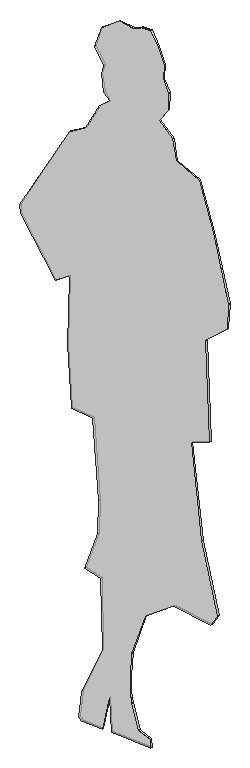
Revit family "ADSK_Антураж_Женщина_02", category Антураж, Revit 2019
Family settings
  На основе рабочей плоскости = Нет
  Всегда вертикально = Да
  При загрузке вырезать с полостями = Нет
  Источник визуального образа = Геометрия семейства
  Общий = Нет
  Точка расчета площади = Нет
Parameters (values of type "Тип")
  Показать чертеж [instance] = yes
  Высота = 0 mm
  Материал = Антураж
  ADSK_Версия семейства = "1.0"  # constant formula
  ADSK_Версия Revit = "v2019"  # constant formula
Reference planes
  plane 1 "Center (Front/Back)": y = 0
  plane 2: z = 0
  plane 3 "Center (Left/Right)": x = 0
  plane 4: z = 1600
Forms (mm)
  Extrusion 1, solid, material "Антураж" <- "Материал"
    sketch origin (0, 0, 0) x (1, 0, 0) y (0, 0, 1)
      loop
        line (250.188, 1272.841) -> (213.063, 1382.81) -> (153.017, 1407.563) -> (143.14, 1455.935) -> (107.445, 1487.037) -> (132.005, 1519.182) -> (133.272, 1560.81) -> (118.817, 1588.88) -> (120.672, 1622.434) -> (105.12, 1659.019) -> (86.079, 1691.052) -> (61.384, 1689.255) -> (41.076, 1679.661) -> (2.971, 1685.005) -> (-44.786, 1652.407) -> (-61.578, 1601.057) -> (-38.427, 1565.025) -> (-44.98, 1543.542) -> (-37.699, 1502.537) -> (-24.142, 1486.813) -> (-48.103, 1468.36) -> (-84.892, 1403.142) -> (-128.963, 1378.928) -> (-259.622, 1160.312) -> (-258.136, 1139.891) -> (-165.352, 1012.966) -> (-129.321, 1036.117) -> (-134.158, 872.966) -> (-123.584, 727.645) -> (-66.928, 723.802) -> (-50.968, 536.711) -> (-53.745, 456.78) -> (-88.427, 362.592) -> (-46.595, 353.583) -> (-42.19, 186.448) -> (-96.687, 69.335) -> (-104.508, 6.224) -> (-95.658, 0) -> (-41.618, 0) -> (-24.268, 80.994) -> (-17.835, 0) -> (85.333, 0) -> (83.947, 19.044) -> (53.605, 29.249) -> (35.443, 87.272) -> (30.918, 114.771) -> (31.136, 149.771) -> (35.745, 204.532) -> (71.343, 305.008) -> (146.107, 354.355) -> (242.772, 344.68) -> (261.836, 371.37) -> (220.297, 535.444) -> (192.133, 757.694) -> (240.571, 775.15) -> (229.544, 1012.302) -> (286.807, 1058.281) -> (291.139, 1116.841) -> (250.188, 1272.841)
    from 0 to 5
Lines and regions (mm)
  model lines
    curve 1: line (0, 150, 0) -> (0, -150, 0)
    curve 2: line (-150, 0, 0) -> (150, 0, 0)
Dimensions and locks
  aligned and locked: level to plane 2
